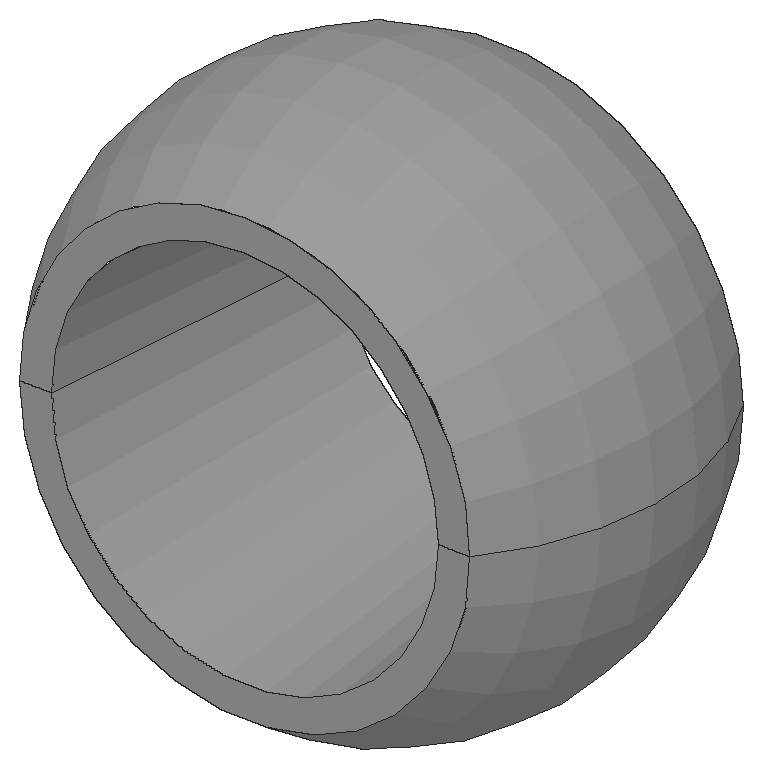
Revit family "VK108", category Sprinklers, Revit 2012
Parameters
  URL = "http://www.vikinggroupinc.com/databook/sprinklers/standard/sr/stcov/030492.pdf"
  Model = "VK108"
  Manufacturer = "Viking"
  K-Factor = 5.6
Reference planes (in)
  plane 1 "Center (Front/Back)": y = 0
  plane 2: z = 0
  plane 3 "Center (Left/Right)": x = 0
  plane 4 "Threads": y = -0.55988
Forms (in)
  Revolve 1, solid, material "Default"
    sketch origin (0, 0, 0) x (1, 0, 0) y (0, 1, 0)
      loop
        arc (-0.37803, -0.41114) -> (-0.4458, -0.665) -> (-0.3518, -0.91036) r 0.42616
        line (-0.3518, -0.91036) -> (-0.3025, -0.91036) -> (-0.25003, -0.41114) -> (-0.37803, -0.41114)
      axis (0, -0.41114) -> (0, -0.91036)
    angle from 0 to 360
Dimensions and locks (in)
  aligned and locked: plane 2 to level
Connectors (in)
  piping at (0, -0.55988, 0)
    settings: index 1, connector radius 1", flow factor 0, pipe flow 0 GPM, pressure drop 0.00 psi, fitting loss kfactor 0, connector angle 0.00°, fixture units 0, engagement length 0' - 0", flow configuration 0, flow direction 0, fitting loss method 0, system type 7, joint type 0, gender type 0, connector reference index -1, connector utility 0, adjustable connector no, is connector primary yes, fitting loss table "", connector description ""
